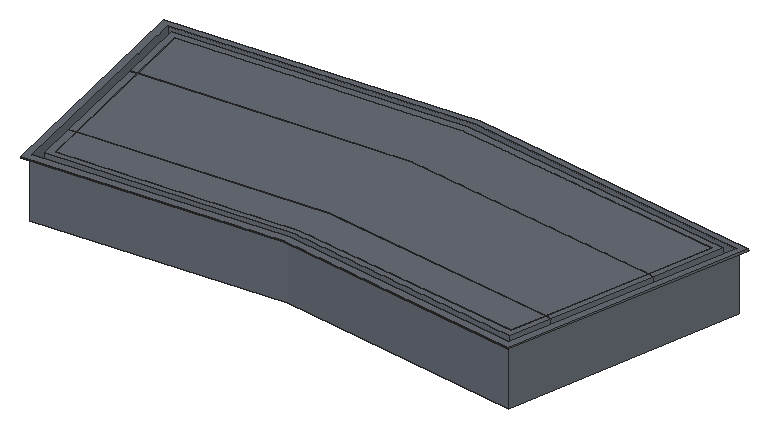
Revit family
Parameters (values of type "PL07 08 5/3")
  Width = 419 mm
  URL = "http://www.meinertz.com/pictures_org/prodk.pdf"
  Thermal Performance = Length * Thermal Performance Constant / 1000 mm  # 318.9473
  Thermal Performance Index = 8
  Actual Width 3 = if(Flip Convector Side, Count Grill Side 2 * 24 mm + 24 mm, Count Grill Side 1 * 24 mm + 24 mm)  # 144 mm
  Actual Width 2 = (Count Grill Main - 1) * 24 mm + 11 mm  # 179 mm
  Actual Width 1 = if(Flip Convector Side, Count Grill Side 1 * 24 mm + 24 mm, Count Grill Side 2 * 24 mm + 24 mm)  # 96 mm
  Actual Width = Actual Width 1 + Actual Width 2 + Actual Width 3  # 419 mm
  R = ((K ^ 2) / (8 * H) + (H / 2))  # 2525 mm
  Width Outer Side = Width - Width Inner Side - Width Convector  # 96 mm
  Model = "PL07 08 5/3"
  Manufacturer = "Meinertz"  # constant formula
  Length = 2 * 3.14 * R * Alpha / Full Circle  # 1006.143 mm
  Keynote = "PL07 08 5/3"
  Width Inner Side = 144 mm
  Full Circle = 360.00°  # constant formula
  Count Grill Side 2 = Count Grill Total - Count Grill Main - Count Grill Side 1  # 3
  Center Rad 2 = Center Rad + Actual Width 2  # 2381 mm
  GoGetNo = 6949  # constant formula
  Depth Outer = if(Flip Convector Side, 20 mm, 70 mm)  # 70 mm
  K = 1000 mm
  Inner rad = R - Actual Width  # 2106 mm
  H = 50 mm
  Grill = RAL 7024
  Frame = RAL 7024
  Depth Inside = if(Flip Convector Side, 70 mm, 20 mm)  # 20 mm
  Depth = 100 mm
  Count Grill Total = (Width - 13 mm - 22 mm) / 24 mm  # 16
  Count Grill Side 1 = (Width Inner Side - 11 mm - 13 mm) / 24 mm  # 5
  Count Grill Main = (Width Convector - 11 mm) / 24 mm + 1  # 8
  Flip Convector Side = no
  Width Convector = 179 mm
  Center Rad = Inner rad + Actual Width 1  # 2202 mm
  Thermal Performance Constant = if(Thermal Performance Index = 3, 145, if(Thermal Performance Index = 4, 191, if(Thermal Performance Index = 5, 231, if(Thermal Performance Index = 6, 262, if(Thermal Performance Index = 7, 287, if(Thermal Performance Index = 8, 317, if(Thermal Performance Index = 9, 339, if(Thermal Performance Index = 10, 359, if(Thermal Performance Index = 11, 382, if(Thermal Performance Index = 12, 404, if(Thermal Performance Index = 13, 424, 444)))))))))))  # 317
  Alpha = 2 * acos((R - H) / R)  # 22.8424°
Types (8, lengths in mm): name | Width | Thermal Performance | Thermal Performance Index | Actual Width 3 | Actual Width 2 | Actual Width 1 | Actual Width | Width Outer Side | Model | Keynote | Width Inner Side | Count Grill Side 2 | Center Rad 2 | Inner rad | Count Grill Total | Count Grill Side 1 | Count Grill Main | Width Convector | Center Rad | Thermal Performance Constant
  (no name) | 419 | 318.9473 | 8 | 144 | 179 | 96 | 419 | 96 | "PL07 08 5/3" | "PL07 08 5/3" | 144 | 3 | 2381 | 2106 | 16 | 5 | 8 | 179 | 2202 | 317
  PL07 08 5/3 | 419 | 318.9473 | 8 | 144 | 179 | 96 | 419 | 96 | "PL07 08 5/3" | "PL07 08 5/3" | 144 | 3 | 2381 | 2106 | 16 | 5 | 8 | 179 | 2202 | 317
  PL07 09 5/4 | 467 | 341.0825 | 9 | 144 | 203 | 120 | 467 | 120 | "PL07 09 5/4" | "PL07 09 5/4" | 144 | 4 | 2381 | 2058 | 18 | 5 | 9 | 203 | 2178 | 339
  PL07 10 5/5 | 515 | 361.2054 | 10 | 144 | 227 | 144 | 515 | 144 | "PL07 10 5/5" | "PL07 10 5/5" | 144 | 5 | 2381 | 2010 | 20 | 5 | 10 | 227 | 2154 | 359
  PL07 11 6/5 | 563 | 384.3466 | 11 | 168 | 251 | 144 | 563 | 144 | "PL07 11 6/5" | "PL07 11 6/5" | 168 | 5 | 2357 | 1962 | 22 | 6 | 11 | 251 | 2106 | 382
  PL07 12 6/6 | 611 | 406.4818 | 12 | 168 | 275 | 168 | 611 | 168 | "PL07 12 6/6" | "PL07 12 6/6" | 168 | 6 | 2357 | 1914 | 24 | 6 | 12 | 275 | 2082 | 404
  PL07 13 7/6 | 659 | 426.6047 | 13 | 192 | 299 | 168 | 659 | 168 | "PL07 13 7/6" | "PL07 13 7/6" | 192 | 6 | 2333 | 1866 | 26 | 7 | 13 | 299 | 2034 | 424
  PL07 14 7/7 | 707 | 446.7275 | 14 | 192 | 323 | 192 | 707 | 192 | "PL07 14 7/7" | "PL07 14 7/7" | 192 | 7 | 2333 | 1818 | 28 | 7 | 14 | 323 | 2010 | 444
Reference planes
  plane 1 "Center (Front/Back)": y = 0
  plane 2: z = 0
  plane 3 "Center (Left/Right)": x = 50.803
  plane 4: x = 550.803
  plane 5: x = -449.197
  plane 6: y = 50
  plane 7: z = -100
  plane 8: y = -2475
  plane 9: z = -20
  plane 10: z = -70
  plane 11: z = -98
Forms (mm)
  Extrusion 1, void
    sketch origin (0, 0, 0) x (1, 0, 0) y (0, 1, 0)
      loop
        line (-449.197, 0) -> (-366.227, -410.703)
        arc (-366.227, -410.703) -> (50.803, -369) -> (467.833, -410.703) r 2106
        line (467.833, -410.703) -> (550.803, 0)
        arc (550.803, 0) -> (50.803, 50) -> (-449.197, 0) r 2525
    from 0 to -100
  Sweep 2, solid, material "RAL 7024" <- "Frame"
    path in 3D
      loop
        line (-449.197, 0, 0) -> (-366.227, -410.703, 0)
        arc (-366.227, -410.703, 0) -> (50.803, -369, 0) -> (467.833, -410.703, 0) r 2106
        line (467.833, -410.703, 0) -> (550.803, 0, 0)
        arc (550.803, 0, 0) -> (50.803, 50, 0) -> (-449.197, 0, 0) r 2525
    profile origin (50.803, 50, 0) x (0, -1, 0) y (0, 0, 1)
      loop
        line (0, 0) -> (0, -2) -> (9, -2) -> (9, -100) -> (11, -100) -> (11, 0) -> (0, 0)
  Extrusion 3, solid, material "RAL 7024" <- "Grill"
    sketch origin (0, 0, 0) x (1, 0, 0) y (0, 1, 0)
      loop
        line (-407.951, -27.419) -> (-386.324, -134.47)
        arc (-386.324, -134.47) -> (50.803, -94) -> (487.93, -134.47) r 2381
        line (487.93, -134.47) -> (509.557, -27.419)
        arc (509.557, -27.419) -> (50.803, 15.202) -> (-407.951, -27.419) r 2490.202
      loop
        line (-350.875, -309.946) -> (-338.754, -369.944)
        arc (-338.754, -369.944) -> (50.803, -334.202) -> (440.36, -369.944) r 2140.798
        line (440.36, -369.944) -> (452.481, -309.946)
        arc (452.481, -309.946) -> (50.803, -273) -> (-350.875, -309.946) r 2202
    from 0 to -20
  Extrusion 4, solid, material "RAL 7024" <- "Grill"
    sketch origin (0, 0, 0) x (1, 0, 0) y (0, 1, 0)
      loop
        line (-386.324, -134.47) -> (-350.875, -309.946)
        arc (-350.875, -309.946) -> (50.803, -273) -> (452.481, -309.946) r 2202
        line (452.481, -309.946) -> (487.93, -134.47)
        arc (487.93, -134.47) -> (50.803, -94) -> (-386.324, -134.47) r 2381
    from 0 to -70
  Extrusion 5, solid, material "RAL 7024" <- "Frame"
    sketch origin (0, 0, 0) x (1, 0, 0) y (0, 1, 0)
      loop
        line (-420.924, -18.749) -> (-397.133, -136.515)
        arc (-397.133, -136.515) -> (-391.73, -135.486) -> (-386.324, -134.47) r 2381
        line (-386.324, -134.47) -> (-407.951, -27.419)
        arc (-407.951, -27.419) -> (50.803, 15.202) -> (509.557, -27.419) r 2490.202
        line (509.557, -27.419) -> (487.93, -134.47)
        arc (487.93, -134.47) -> (493.336, -135.486) -> (498.739, -136.515) r 2381
        line (498.739, -136.515) -> (522.53, -18.749)
        arc (522.53, -18.749) -> (50.803, 26.139) -> (-420.924, -18.749) r 2501.139
      loop
        arc (-347.4, -382.694) -> (50.803, -345.139) -> (449.006, -382.694) r 2129.861
        line (449.006, -382.694) -> (463.292, -311.98)
        arc (463.292, -311.98) -> (457.888, -310.956) -> (452.481, -309.946) r 2202
        line (452.481, -309.946) -> (440.36, -369.944)
        arc (440.36, -369.944) -> (50.803, -334.202) -> (-338.754, -369.944) r 2140.798
        line (-338.754, -369.944) -> (-350.875, -309.946)
        arc (-350.875, -309.946) -> (-356.281, -310.956) -> (-361.686, -311.98) r 2202
        line (-361.686, -311.98) -> (-347.4, -382.694)
    from 0 to -20
  Extrusion 6, solid, material "RAL 7024" <- "Frame"
    sketch origin (0, 0, 0) x (1, 0, 0) y (0, 1, 0)
      loop
        line (-397.133, -136.515) -> (-361.686, -311.98)
        arc (-361.686, -311.98) -> (-356.281, -310.956) -> (-350.875, -309.946) r 2202
        line (-350.875, -309.946) -> (-386.324, -134.47)
        arc (-386.324, -134.47) -> (-391.73, -135.486) -> (-397.133, -136.515) r 2381
      loop
        line (487.93, -134.47) -> (452.481, -309.946)
        arc (452.481, -309.946) -> (457.888, -310.956) -> (463.292, -311.98) r 2202
        line (463.292, -311.98) -> (498.739, -136.515)
        arc (498.739, -136.515) -> (493.336, -135.486) -> (487.93, -134.47) r 2381
    from 0 to -70
  Extrusion 7, solid, material "RAL 7024" <- "Frame"
    sketch origin (0, 0, 0) x (1, 0, 0) y (0, 1, 0)
      loop
        line (-436.244, -8.565) -> (-357.604, -397.833)
        arc (-357.604, -397.833) -> (50.803, -358.064) -> (459.211, -397.833) r 2116.936
        line (459.211, -397.833) -> (537.85, -8.565)
        arc (537.85, -8.565) -> (50.803, 39.064) -> (-436.244, -8.565) r 2514.064
    from -100 to -98
  Extrusion 8, solid, material "Tap"
    sketch origin (-397.133, -136.515, 0) x (0.19802, -0.980198, 0) y (0, 0, 1)
      loop
        circle (30, -55) r 4.8
      loop
        circle (149.01, -55) r 4.8
    from 0 to 13
  Extrusion 9, solid, material "Tap"
    sketch origin (498.739, -136.515, 0) x (-0.19802, -0.980198, 0) y (0, 0, -1)
      loop
        circle (149.157, 55) r 4.8
      loop
        circle (30, 55) r 4.8
    from 0 to 13
Lines and regions (mm)
  reference lines
    curve 1: arc (-449.197, 0, 0) -> (50.803, 50, 0) -> (550.803, 0, 0) r 2525
    curve 2: arc (-366.227, -410.703, 0) -> (50.803, -369, 0) -> (467.833, -410.703, 0) r 2106
    curve 3: line (-449.197, 0, 0) -> (50.803, -2475, 0)
    curve 4: line (550.803, 0, 0) -> (50.803, -2475, 0)
    curve 5: arc (-385.237, -316.604, 0) -> (50.803, -273, 0) -> (486.843, -316.604, 0) r 2202
    curve 6: line (-438.41, 2.155, 0) -> (61.537, -2472.585, 0)
    curve 7: line (-425.65, 4.641, 0) -> (74.224, -2469.732, 0)
    curve 8: line (-414.842, 6.693, 0) -> (84.958, -2467.317, 0)
    curve 9: line (540.016, 2.155, 0) -> (40.069, -2472.585, 0)
    curve 10: line (527.256, 4.641, 0) -> (27.382, -2469.732, 0)
    curve 11: line (516.448, 6.693, 0) -> (16.648, -2467.317, 0)
    curve 12: arc (-368.392, -399.983, 0) -> (50.803, -358.064, 0) -> (469.998, -399.983, 0) r 2116.936
    curve 13: arc (-447.031, -10.72, 0) -> (50.803, 39.064, 0) -> (548.637, -10.72, 0) r 2514.064
    curve 14: arc (-444.472, -23.389, 0) -> (50.803, 26.139, 0) -> (546.078, -23.389, 0) r 2501.139
    curve 15: arc (-370.952, -387.314, 0) -> (50.803, -345.139, 0) -> (472.558, -387.314, 0) r 2129.861
    curve 16: arc (-373.117, -376.594, 0) -> (50.803, -334.202, 0) -> (474.723, -376.594, 0) r 2140.798
    curve 17: arc (-442.306, -34.109, 0) -> (50.803, 15.202, 0) -> (543.912, -34.109, 0) r 2490.202
    curve 18: arc (-420.682, -141.149, 0) -> (50.803, -94, 0) -> (522.288, -141.149, 0) r 2381
  sketch lines
    curve 19: arc (550.803, 0, 0) -> (50.803, 50, 0) -> (-449.197, 0, 0) r 2525
    curve 20: line (-449.197, 0, 0) -> (-366.227, -410.703, 0)
    curve 21: line (550.803, 0, 0) -> (467.833, -410.703, 0)
    curve 22: arc (-366.227, -410.703, 0) -> (50.803, -369, 0) -> (467.833, -410.703, 0) r 2106
Dimensions and locks
  equal spacing: plane 5, plane 3 "Center (Left/Right)", plane 4
  "K": plane 5 to plane 4
  "H": plane 1 "Center (Front/Back)" to plane 6
  "Depth": plane 2 to plane 7
  "R": plane 6 to plane 8
  curve 11 to curve 10 to curve 9 to curve 4 = 11 mm locked, 13 mm locked, 11 mm locked
  curve 11 to curve 10 to curve 9 to curve 4 = 11 mm, 13 mm, 11 mm
  curve 3 to curve 6 to curve 7 to curve 8 = 11 mm, 13 mm, 11 mm
  curve 3 to curve 6 to curve 7 to curve 8 = 11 mm locked, 13 mm locked, 11 mm locked
  curve 1 to curve 13 to curve 14 to curve 17 = 10.934 mm, 12.922 mm, 10.934 mm  (x2)
  curve 2 to curve 12 to curve 15 to curve 16 = 10.934 mm, 12.922 mm, 10.934 mm  (x2)
  locked: plane 11 to plane 7 at 2
  locked: Extrusion 8 sketch curve to Extrusion 6 at 30
  locked: Extrusion 6 to Extrusion 8 sketch curve at 30
  locked: Extrusion 8 sketch curve to Extrusion 5 at 35  (x2)
  locked: Extrusion 9 sketch curve to Extrusion 6 at 30
  locked: Extrusion 9 sketch curve to Extrusion 5 at 35  (x2)
  locked: Extrusion 6 to Extrusion 9 sketch curve at 30
  "R": radius of curve 1
  "Inner rad": radius of curve 2
  "Center Rad": radius of curve 5
  "Center Rad 2": radius of curve 18
  aligned and locked: Extrusion 1 sketch curve to curve 1
  aligned and locked: Extrusion 1 sketch curve to curve 2
  aligned and locked: Extrusion 1 sketch curve to curve 3
  aligned and locked: Extrusion 1 sketch curve to curve 4
  aligned and locked: Extrusion 1 to plane 7
  aligned and locked: plane 2 to Extrusion 1
  aligned and locked: curve 8 to Extrusion 3 sketch curve  (x2)
  aligned and locked: Extrusion 3 sketch curve to curve 17
  aligned and locked: curve 11 to Extrusion 3 sketch curve  (x2)
  aligned and locked: Extrusion 3 sketch curve to curve 18
  aligned and locked: Extrusion 3 sketch curve to curve 5
  aligned and locked: Extrusion 3 sketch curve to curve 16
  aligned and locked: Extrusion 4 sketch curve to curve 18
  aligned and locked: Extrusion 4 sketch curve to curve 5
  aligned and locked: curve 8 to Extrusion 4 sketch curve
  aligned and locked: curve 11 to Extrusion 4 sketch curve
  aligned and locked: curve 7 to Extrusion 5 sketch curve  (x2)
  aligned and locked: Extrusion 5 sketch curve to curve 14
  aligned and locked: curve 10 to Extrusion 5 sketch curve  (x2)
  aligned and locked: curve 11 to Extrusion 5 sketch curve  (x2)
  aligned and locked: curve 8 to Extrusion 5 sketch curve  (x2)
  aligned and locked: Extrusion 5 sketch curve to curve 17
  aligned and locked: Extrusion 5 sketch curve to curve 18  (x2)
  aligned and locked: Extrusion 5 sketch curve to curve 15
  aligned and locked: Extrusion 5 sketch curve to curve 16
  aligned and locked: Extrusion 5 sketch curve to curve 5  (x2)
  aligned and locked: curve 7 to Extrusion 6 sketch curve
  aligned and locked: curve 8 to Extrusion 6 sketch curve
  aligned and locked: Extrusion 6 sketch curve to curve 5  (x2)
  aligned and locked: Extrusion 6 sketch curve to curve 18  (x2)
  aligned and locked: curve 11 to Extrusion 6 sketch curve
  aligned and locked: curve 10 to Extrusion 6 sketch curve
  aligned and locked: Extrusion 7 sketch curve to curve 13
  aligned and locked: curve 9 to Extrusion 7 sketch curve
  aligned and locked: Extrusion 7 sketch curve to curve 12
  aligned and locked: curve 6 to Extrusion 7 sketch curve
  aligned and locked: Extrusion 7 to plane 7
  aligned and locked: Extrusion 7 to plane 11
Automatic sketch dimensions
  curve 1 to curve 2 = 0 mm  (x2)
  curve 1 to curve 5 = 0 mm  (x2)
  curve 1 to curve 12 = 0 mm
  curve 1 to curve 13 = 0 mm
  curve 1 to curve 14 = 0 mm
  curve 1 to curve 15 = 0 mm
  curve 1 to curve 16 = 0 mm
  curve 1 to curve 17 = 0 mm
  curve 1 to plane 1 "Center (Front/Back)" = 0 mm  (x2)
  curve 1 to plane 5 = 0 mm
  curve 5 to plane 3 "Center (Left/Right)" = 0 mm
  curve 4 to plane 3 "Center (Left/Right)" = 0 mm
  curve 3 to plane 8 = 0 mm
  curve 11 to plane 8 = 7.683 mm
  curve 10 to plane 8 = 5.268 mm
  curve 9 to plane 8 = 2.415 mm
  curve 6 to plane 8 = 2.415 mm
  curve 7 to plane 8 = 5.268 mm
  curve 8 to plane 8 = 7.683 mm
  curve 1 to curve 18 = 0 mm  (x2)
  Sweep 2 sketch curve to profile plane = 0 mm  (x2)
  Sweep 2 sketch curve to profile plane = 9 mm
  Sweep 2 sketch curve to Sweep 2 sketch curve = 2 mm
  Sweep 2 sketch curve to profile plane = 2 mm
  Sweep 2 sketch curve to Sweep 2 sketch curve = 98 mm
  radius of Extrusion 8 sketch curve = 4.8 mm  (x2)
  radius of Extrusion 9 sketch curve = 4.8 mm  (x2)
Connectors
  piping at (481.946, -285.292, -55)
    settings: on Extrusion 9, index 1, connector radius 4.8 mm, flow factor 0, pipe flow 0.0 L/s, pressure drop 0.0 Pa, fitting loss kfactor 0, connector angle 0.00°, fixture units 0, flow configuration 1, flow direction 1, fitting loss method 0, system type 22, connector reference index -1, connector utility 0, adjustable connector no, is connector primary yes, fitting loss table "", connector description ""
  piping at (505.541, -168.495, -55)
    settings: on Extrusion 9, index 2, connector radius 4.8 mm, flow factor 0, pipe flow 0.0 L/s, pressure drop 0.0 Pa, fitting loss kfactor 0, connector angle 0.00°, fixture units 0, flow configuration 1, flow direction 2, fitting loss method 0, system type 22, connector reference index -1, connector utility 0, adjustable connector no, is connector primary no, fitting loss table "", connector description ""
  piping at (-380.369, -285.148, -55)
    settings: on Extrusion 8, index 3, connector radius 4.8 mm, flow factor 0, pipe flow 0.0 L/s, pressure drop 0.0 Pa, fitting loss kfactor 0, connector angle 0.00°, fixture units 0, flow configuration 1, flow direction 2, fitting loss method 0, system type 22, connector reference index -1, connector utility 0, adjustable connector no, is connector primary no, fitting loss table "", connector description ""
  piping at (-403.935, -168.495, -55)
    settings: on Extrusion 8, index 4, connector radius 4.8 mm, flow factor 0, pipe flow 0.0 L/s, pressure drop 0.0 Pa, fitting loss kfactor 0, connector angle 0.00°, fixture units 0, flow configuration 1, flow direction 1, fitting loss method 0, system type 22, connector reference index -1, connector utility 0, adjustable connector no, is connector primary no, fitting loss table "", connector description ""
